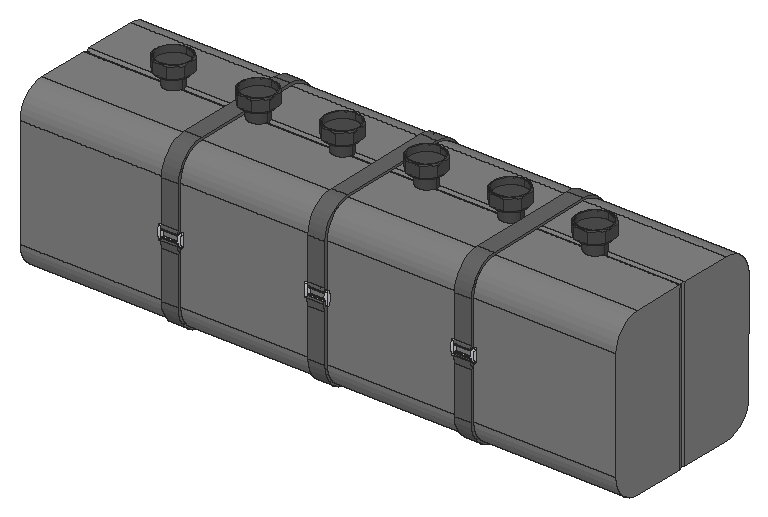
Revit family "Распределительный коллектор на 3 контура", category Оборудование, Revit 2022
Family settings
  Размер круглого соединителя = Использовать диаметр
  Классификация = Нет
  Тип детали = Нормальный
  На основе рабочей плоскости = Нет
  Всегда вертикально = Да
  При загрузке вырезать с полостями = Нет
  Сохранять ориентацию аннотаций = Нет
  Общий = Нет
  Точка принадлежности помещению = Нет
Parameters
  Отметка по умолчанию = 1500 mm
  Кронштейны [instance] = yes
  Изоляция [instance] = yes
  ΔT = 20 °C
  Qmax = 163000 W
  G max = 0.036983 (stored number, unit not read)
  ADSK_Примечание [instance] = ""
  ADSK_Наименование = "Распределительный коллектор KHW-7-3"
  ADSK_Завод-изготовитель = "Huch EnTEC"
  ADSK_Группирование [instance] = ""
Reference planes
  plane 1 "По центру (Вперед/Назад)": y = 0
  plane 2: z = 0
  plane 3 "По центру (Влево/Вправо)": x = 0
  plane 4: y = -57.5
  plane 5: y = 57.5
  plane 6: z = -57.5
  plane 7: z = 57.5
  plane 8: y = -52.5
  plane 9: z = 52.5
  plane 10: z = -52.5
  plane 11: y = 52.5
  plane 12: x = 382.5
  plane 13: x = -382.5
  plane 14: z = 52.5
  plane 15: z = -52.5
  plane 16: z = 67.5
  plane 17: z = 132.5
  plane 18: z = 102.5
  plane 19: z = 57.5
  plane 20: x = 437.5
  plane 21: x = -437.5
  plane 22: x = -312.5
  plane 23: x = -187.5
  plane 24: x = -62.5
  plane 25: x = 312.5
  plane 26: x = 187.5
  plane 27: x = 62.5
  plane 28: x = 570
  plane 29: x = -570
  plane 30: y = 186.539
  plane 31: x = -360
  plane 32: x = 360
  plane 33: x = -282.5
  plane 34: x = -172.5
  plane 35: x = 172.5
  plane 36: x = 282.5
Forms (mm)
  Extrusion 1, solid, material "Металл"
    sketch origin (0, 0, 0) x (0, 1, 0) y (0, 0, 1)
      loop
        line (52.5, 57.5) -> (-52.5, 57.5)
        arc (-52.5, 57.5) -> (-56.036, 56.036) -> (-57.5, 52.5) r 5
        line (-57.5, 52.5) -> (-57.5, -52.5)
        arc (-57.5, -52.5) -> (-56.036, -56.036) -> (-52.5, -57.5) r 5
        line (-52.5, -57.5) -> (52.5, -57.5)
        arc (52.5, -57.5) -> (56.036, -56.036) -> (57.5, -52.5) r 5
        line (57.5, -52.5) -> (57.5, 52.5)
        arc (57.5, 52.5) -> (56.036, 56.036) -> (52.5, 57.5) r 5
    from -382.5 to 382.5
  Extrusion 2, void
    sketch origin (0, 0, 0) x (1, 0, 0) y (0, 0, 1)
      loop
        line (377.5, 57.5) -> (-377.5, 57.5)
        arc (-377.5, 57.5) -> (-381.036, 56.036) -> (-382.5, 52.5) r 5
        line (-382.5, 52.5) -> (-382.5, -52.5)
        arc (-382.5, -52.5) -> (-381.036, -56.036) -> (-377.5, -57.5) r 5
        line (-377.5, -57.5) -> (377.5, -57.5)
        arc (377.5, -57.5) -> (381.036, -56.036) -> (382.5, -52.5) r 5
        line (382.5, -52.5) -> (382.5, 52.5)
        arc (382.5, 52.5) -> (381.036, 56.036) -> (377.5, 57.5) r 5
      loop
        line (-393.601, 73.045) -> (-393.601, -76.955) -> (391.399, -76.955) -> (391.399, 73.045) -> (-393.601, 73.045)
    from -63.688 to 64.2
  Extrusion 3, solid, material "Металл"
    sketch origin (0, 0, 0) x (1, 0, 0) y (0, 1, 0)
      loop
        circle (360, 0) r 13
      loop
        circle (-360, 0) r 13
    from -52.5 to -67.008
  Extrusion 4, solid, material "Металл"
    sketch origin (0, 0, 0) x (1, 0, 0) y (0, 1, 0)
      loop
        circle (-282.5, 0) r 30
      loop
        circle (282.5, 0) r 30
    from -52.5 to -112.477
  Extrusion 5, solid, material "Металл"
    sketch origin (0, 0, 0) x (1, 0, 0) y (0, 1, 0)
      loop
        circle (-172.5, 0) r 13.5
      loop
        circle (172.5, 0) r 13.5
    from -52.5 to -102.67
  Extrusion 6, solid, material "Металл"
    sketch origin (0, 0, 0) x (1, 0, 0) y (0, 1, 0)
      loop
        circle (-313.5, 0) r 15
      loop
        circle (-187.5, 0) r 15
      loop
        circle (-62.5, 0) r 15
      loop
        circle (62.5, 0) r 15
      loop
        circle (187.5, 0) r 15
      loop
        circle (312.5, 0) r 15
    from 52.5 to 142.085
Cuts and joins
  Extrusion 2 cuts Extrusion 1
Dimensions and locks
  plane 17 to plane 19 = 75 mm
  plane 18 to plane 19 = 45 mm
  plane 16 to plane 19 = 10 mm
  equal spacing: plane 20, plane 25, plane 26, plane 27, plane 24, plane 23, plane 22, plane 21
  locked: plane 27 to plane 24 at 125
  Extrusion 6 to Extrusion 6 = 89.585 mm
  plane 15 to Extrusion 3 = 14.508 mm
  plane 15 to Extrusion 4 = 59.977 mm
  plane 15 to Extrusion 5 = 50.17 mm
  plane 3 "По центру (Влево/Вправо)" to plane 13 = 382.5 mm
  plane 12 to plane 3 "По центру (Влево/Вправо)" = 382.5 mm
  plane 31 to plane 13 = 22.5 mm
  plane 33 to plane 13 = 100 mm
  cut or joined group of Extrusion 1, Extrusion 2 to plane 34 = 210 mm
  cut or joined group of Extrusion 1, Extrusion 2 to plane 35 = 210 mm
  cut or joined group of Extrusion 1, Extrusion 2 to plane 36 = 100 mm
  cut or joined group of Extrusion 1, Extrusion 2 to plane 32 = 22.5 mm
  plane 35 to plane 34 = 345 mm
  aligned and locked: level to plane 2
  aligned and locked: Extrusion 1 to plane 13
  aligned and locked: Extrusion 1 to plane 12
Automatic sketch dimensions
  Extrusion 1 sketch curve to plane 4 = 0 mm
  Extrusion 1 sketch curve to plane 8 = 0 mm  (x2)
  Extrusion 1 sketch curve to plane 7 = 0 mm
  Extrusion 1 sketch curve to plane 6 = 0 mm
  Extrusion 1 sketch curve to plane 11 = 0 mm  (x2)
  Extrusion 1 sketch curve to plane 9 = 0 mm
  plane 13 to Extrusion 2 sketch curve = 0 mm
  Extrusion 2 sketch curve to plane 12 = 0 mm
  Extrusion 2 sketch curve to plane 15 = 0 mm  (x2)
  Extrusion 2 sketch curve to plane 14 = 0 mm  (x2)
  plane 16 to Extrusion 2 sketch curve = 5.545 mm
  Extrusion 2 sketch curve to plane 13 = 11.101 mm
  plane 12 to Extrusion 2 sketch curve = 8.899 mm
  Extrusion 2 sketch curve to Extrusion 2 sketch curve = 19.455 mm
  plane 1 "По центру (Вперед/Назад)" to Extrusion 3 sketch curve = 0 mm  (x2)
  plane 1 "По центру (Вперед/Назад)" to Extrusion 4 sketch curve = 0 mm  (x2)
  plane 1 "По центру (Вперед/Назад)" to Extrusion 5 sketch curve = 0 mm  (x2)
  plane 21 to Extrusion 4 sketch curve = 155 mm
  plane 22 to Extrusion 5 sketch curve = 140 mm
  plane 13 to Extrusion 3 sketch curve = 22.5 mm
  plane 20 to Extrusion 4 sketch curve = 155 mm
  Extrusion 2 sketch curve to plane 19 = 0 mm
  plane 13 to Extrusion 2 sketch curve = 5 mm
  Extrusion 3 sketch curve to plane 12 = 22.5 mm
  plane 25 to Extrusion 5 sketch curve = 140 mm
  plane 1 "По центру (Вперед/Назад)" to Extrusion 6 sketch curve = 0 mm  (x6)
  Extrusion 6 sketch curve to plane 23 = 0 mm
  Extrusion 6 sketch curve to plane 24 = 0 mm
  Extrusion 6 sketch curve to plane 27 = 0 mm
  Extrusion 6 sketch curve to plane 26 = 0 mm
  Extrusion 6 sketch curve to plane 25 = 0 mm
  Extrusion 6 sketch curve to plane 22 = 1 mm
  radius of Extrusion 3 sketch curve = 13 mm  (x2)
  radius of Extrusion 4 sketch curve = 30 mm  (x2)
  radius of Extrusion 5 sketch curve = 13.5 mm  (x2)
  radius of Extrusion 6 sketch curve = 15 mm  (x6)
Nested families
  nested 1: "Гайка_Восьмиугольная_Гладкая" at (312.5, 0, 142.085) x (0, 0, 1) z (1, 0, 0), type "Гайка_Восьмиугольная_Гладкая"
    with Материал Металл, КорректирующийРазмер 25 mm, k 15 mm, dw 50.5 mm, d 48 mm, V 40.00°, S 50.5 mm, K 19 mm
  nested 2: "Гайка_Восьмиугольная_Гладкая" at (187.5, 0, 142.085) x (0, 0, 1) z (1, 0, 0), type "Гайка_Восьмиугольная_Гладкая"
    with Материал Металл, КорректирующийРазмер 25 mm, k 15 mm, dw 50.5 mm, d 48 mm, V 40.00°, S 50.5 mm, K 19 mm
  nested 3: "Гайка_Восьмиугольная_Гладкая" at (62.5, 0, 142.085) x (0, 0, 1) z (1, 0, 0), type "Гайка_Восьмиугольная_Гладкая"
    with Материал Металл, КорректирующийРазмер 25 mm, k 15 mm, dw 50.5 mm, d 48 mm, V 40.00°, S 50.5 mm, K 19 mm
  nested 4: "Гайка_Восьмиугольная_Гладкая" at (-62.5, 0, 142.085) x (0, 0, 1) z (1, 0, 0), type "Гайка_Восьмиугольная_Гладкая"
    with Материал Металл, КорректирующийРазмер 25 mm, k 15 mm, dw 50.5 mm, d 48 mm, V 40.00°, S 50.5 mm, K 19 mm
  nested 5: "Гайка_Восьмиугольная_Гладкая" at (-187.5, 0, 142.085) x (0, 0, 1) z (1, 0, 0), type "Гайка_Восьмиугольная_Гладкая"
    with Материал Металл, КорректирующийРазмер 25 mm, k 15 mm, dw 50.5 mm, d 48 mm, V 40.00°, S 50.5 mm, K 19 mm
  nested 6: "Гайка_Восьмиугольная_Гладкая" at (-313.5, 0, 142.085) x (0, 0, 1) z (1, 0, 0), type "Гайка_Восьмиугольная_Гладкая"
    with Материал Металл, КорректирующийРазмер 25 mm, k 15 mm, dw 50.5 mm, d 48 mm, V 40.00°, S 50.5 mm, K 19 mm
  nested 7: "Изоляция 3 контура" at (0, 0, 0), visible <- "Изоляция", type "Изоляция 3 контура"
  nested 8: "Стойки 3 контура" at (0, 0, 0), visible <- "Кронштейны", type "Стойки 3 контура"
Connectors
  piping at (-360, 0, -67.008), diameter 15
    settings: on Extrusion 3, index 1, connector inside diameter 609.6 mm, connector length 0 mm, flow factor 0, pipe flow 0.0 L/s, pressure drop 0.0 Pa, fitting loss kfactor 0, connector angle 0.00°, fixture units 0, engagement length 0 mm, angle of deflection 0.00°, flow configuration 0, flow direction 0, fitting loss method 0, system type 28, joint type 0, gender type 0, connector reference index -1, connector utility 0, adjustable connector no, is connector primary yes, connector description ""
  piping at (-282.5, 0, -112.477), diameter 50
    settings: on Extrusion 4, index 2, connector inside diameter 609.6 mm, connector length 0 mm, flow factor 0, pipe flow 0.0 L/s, pressure drop 0.0 Pa, fitting loss kfactor 0, connector angle 0.00°, fixture units 0, engagement length 0 mm, angle of deflection 0.00°, flow configuration 0, flow direction 0, fitting loss method 0, system type 8, joint type 0, gender type 0, connector reference index -1, connector utility 0, adjustable connector no, is connector primary no, connector description ""
  piping at (282.5, 0, -112.477), diameter 50
    settings: on Extrusion 4, index 3, connector inside diameter 609.6 mm, connector length 0 mm, flow factor 0, pipe flow 0.0 L/s, pressure drop 0.0 Pa, fitting loss kfactor 0, connector angle 0.00°, fixture units 0, engagement length 0 mm, angle of deflection 0.00°, flow configuration 0, flow direction 0, fitting loss method 0, system type 7, joint type 0, gender type 0, connector reference index -1, connector utility 0, adjustable connector no, is connector primary no, connector description ""
  piping at (360, 0, -67.008), diameter 15
    settings: on Extrusion 3, index 4, connector inside diameter 609.6 mm, connector length 0 mm, flow factor 0, pipe flow 0.0 L/s, pressure drop 0.0 Pa, fitting loss kfactor 0, connector angle 0.00°, fixture units 0, engagement length 0 mm, angle of deflection 0.00°, flow configuration 0, flow direction 0, fitting loss method 0, system type 28, joint type 0, gender type 0, connector reference index -1, connector utility 0, adjustable connector no, is connector primary no, connector description ""
  piping at (-313.5, 0, 152.09), diameter 25
    settings: on nested 6, index 6, connector inside diameter 609.6 mm, connector length 0 mm, flow factor 0, pipe flow 0.0 L/s, pressure drop 0.0 Pa, fitting loss kfactor 0, connector angle 0.00°, fixture units 0, engagement length 0 mm, angle of deflection 0.00°, flow configuration 0, flow direction 0, fitting loss method 0, system type 8, joint type 0, gender type 0, connector reference index -1, connector utility 0, adjustable connector no, is connector primary no, connector description ""
  piping at (-187.5, 0, 152.09), diameter 25
    settings: on nested 5, index 7, connector inside diameter 609.6 mm, connector length 0 mm, flow factor 0, pipe flow 0.0 L/s, pressure drop 0.0 Pa, fitting loss kfactor 0, connector angle 0.00°, fixture units 0, engagement length 0 mm, angle of deflection 0.00°, flow configuration 0, flow direction 0, fitting loss method 0, system type 7, joint type 0, gender type 0, connector reference index -1, connector utility 0, adjustable connector no, is connector primary no, connector description ""
  piping at (-62.5, 0, 152.09), diameter 25
    settings: on nested 4, index 8, connector inside diameter 609.6 mm, connector length 0 mm, flow factor 0, pipe flow 0.0 L/s, pressure drop 0.0 Pa, fitting loss kfactor 0, connector angle 0.00°, fixture units 0, engagement length 0 mm, angle of deflection 0.00°, flow configuration 0, flow direction 0, fitting loss method 0, system type 8, joint type 0, gender type 0, connector reference index -1, connector utility 0, adjustable connector no, is connector primary no, connector description ""
  piping at (62.5, 0, 152.09), diameter 25
    settings: on nested 3, index 9, connector inside diameter 609.6 mm, connector length 0 mm, flow factor 0, pipe flow 0.0 L/s, pressure drop 0.0 Pa, fitting loss kfactor 0, connector angle 0.00°, fixture units 0, engagement length 0 mm, angle of deflection 0.00°, flow configuration 0, flow direction 0, fitting loss method 0, system type 7, joint type 0, gender type 0, connector reference index -1, connector utility 0, adjustable connector no, is connector primary no, connector description ""
  piping at (187.5, 0, 152.09), diameter 25
    settings: on nested 2, index 10, connector inside diameter 609.6 mm, connector length 0 mm, flow factor 0, pipe flow 0.0 L/s, pressure drop 0.0 Pa, fitting loss kfactor 0, connector angle 0.00°, fixture units 0, engagement length 0 mm, angle of deflection 0.00°, flow configuration 0, flow direction 0, fitting loss method 0, system type 8, joint type 0, gender type 0, connector reference index -1, connector utility 0, adjustable connector no, is connector primary no, connector description ""
  piping at (312.5, 0, 152.09), diameter 25
    settings: on nested 1, index 11, connector inside diameter 609.6 mm, connector length 0 mm, flow factor 0, pipe flow 0.0 L/s, pressure drop 0.0 Pa, fitting loss kfactor 0, connector angle 0.00°, fixture units 0, engagement length 0 mm, angle of deflection 0.00°, flow configuration 0, flow direction 0, fitting loss method 0, system type 7, joint type 0, gender type 0, connector reference index -1, connector utility 0, adjustable connector no, is connector primary no, connector description ""
Definition of nested family "Гайка_Восьмиугольная_Гладкая"
  Parameters (values of type "Гайка_Восьмиугольная_Гладкая")
    Default Elevation = 0 mm
    Материал [instance] = none
    КорректирующийРазмер [instance] = 76 mm
    k [instance] = 31.635 mm
    dw [instance] = S  # 150 mm
    d [instance] = 100 mm
    V [instance] = 40.00°
    S [instance] = 150 mm
    K [instance] = 70 mm
  Reference planes
    plane 1 "По центру (Вперед/Назад)": y = 0
    plane 2: z = 0
    plane 3 "По центру (Влево/Вправо)": x = 0
    plane 4: x = 70
    plane 5: through (4267.2, -88.185, 17.881) normal (0, -0.7071, 0.7071)
    plane 6: through (4267.2, 17.881, -88.185) normal (0, -0.7071, 0.7071)
    plane 7: through (4267.2, 17.891, 88.175) normal (0, 0.7071, 0.7071)
    plane 8: through (4267.2, -88.175, -17.891) normal (0, 0.7071, 0.7071)
    plane 9: z = -75
    plane 10: z = 75
    plane 11: y = 75
    plane 12: y = -75
    plane 13: through (4267.2, 0, 0) normal (0, -0.7071, 0.7071)
    plane 14: through (4267.2, 0, 0) normal (0, 0.7071, 0.7071)
    plane 15: z = 76
    plane 16: x = 38.365
  Forms (mm)
    Extrusion 1, solid, material <- "Материал"
      sketch origin (0, 0, 0) x (0, 1, 0) y (0, 0, 1)
        loop
          line (75, 31.066) -> (31.066, 75) -> (-31.066, 75) -> (-75, 31.066) -> (-75, -31.066) -> (-31.066, -75) -> (31.066, -75) -> (75, -31.066) -> (75, 31.066)
        loop
          circle (0, 0) r 50
      from 0 to 70
    Sweep 2, void
      path origin (0, 0, 0) x (0, 1, 0) y (0, 0, 1)
        loop
          circle (0, 0) r 75
      profile origin (0, 0, 75) x (0, 0, -1) y (1, 0, 0)
        loop
          line (-1, 70) -> (-135.994, 70) -> (-135.994, 0) -> (-1, 0) -> (-42.711, 35) -> (-1, 70)
    Extrusion 3, solid, material <- "Материал"
      sketch origin (0, 0, 0) x (0, 1, 0) y (0, 0, 1)
        loop
          circle (0, 0) r 50
      from 0 to 10.005
  Cuts and joins
    Sweep 2 cuts Extrusion 1
  Dimensions and locks
    equal spacing: plane 10, level, plane 9
    equal spacing: plane 5, plane 13, plane 6
    equal spacing: plane 7, plane 14, plane 8
    equal spacing: plane 12, plane 1 "По центру (Вперед/Назад)", plane 11
    "S": plane 12 to plane 11
    "S": plane 5 to plane 6
    "S": plane 10 to plane 9
    "S": plane 7 to plane 8
    "K": plane 3 "По центру (Влево/Вправо)" to plane 4
    "КорректирующийРазмер": level to plane 15
    equal spacing: Sweep 2 sketch curve, Sweep 2 sketch curve, Sweep 2 sketch curve
    "K": Sweep 2 sketch curve to Sweep 2 sketch curve
    "k": plane 4 to plane 16
    "d": diameter of Extrusion 1 sketch curve
    "dw": diameter of Sweep 2 sketch curve
    "d": diameter of Extrusion 3 sketch curve
    "V": angle Sweep 2 sketch curve to Sweep 2 sketch curve  (x2)
    aligned and locked: level to plane 2
    aligned and locked: plane 12 to Extrusion 1 sketch curve
    aligned and locked: plane 5 to Extrusion 1 sketch curve
    aligned and locked: plane 10 to Extrusion 1 sketch curve
    aligned and locked: plane 7 to Extrusion 1 sketch curve
    aligned and locked: Extrusion 1 sketch curve to plane 11
    aligned and locked: Extrusion 1 sketch curve to plane 6
    aligned and locked: Extrusion 1 sketch curve to plane 9
    aligned and locked: Extrusion 1 sketch curve to plane 8
    aligned and locked: plane 4 to Extrusion 1
    aligned and locked: Sweep 2 sketch curve to plane 4
    aligned and locked: Sweep 2 sketch curve to plane 15
    aligned and locked: plane 15 to Sweep 2 sketch curve
  Automatic sketch dimensions
    Extrusion 1 sketch curve to plane 13 = 0 mm
    Extrusion 1 sketch curve to plane 14 = 0 mm
    Sweep 2 sketch curve to level = 0 mm
    Sweep 2 sketch curve to plane 1 "По центру (Вперед/Назад)" = 0 mm
    Sweep 2 sketch curve to Sweep 2 sketch curve = 93.282 mm
    Extrusion 3 sketch curve to level = 0 mm
    Extrusion 3 sketch curve to plane 1 "По центру (Вперед/Назад)" = 0 mm
Definition of nested family "Изоляция 3 контура"
  Parameters (values of type "изоляция")
    Default Elevation = 0 mm
  Reference planes
    plane 1 "По центру (Вперед/Назад)": y = 0
    plane 2: z = 0
    plane 3 "По центру (Влево/Вправо)": x = 0
    plane 4: z = 52.5
    plane 5: z = -52.5
    plane 6: z = 67.5
    plane 7: z = 132.5
    plane 8: z = 102.5
    plane 9: z = 57.5
    plane 10: z = 122.5
    plane 11: z = -122.5
    plane 12: y = -122.5
    plane 13: y = 122.5
    plane 14: y = -82.5
    plane 15: y = 82.5
    plane 16: z = 82.5
    plane 17: z = -82.5
    plane 18: x = 570
    plane 19: x = -570
    plane 20: x = 12.5
    plane 21: x = -12.5
    plane 22: x = 17
    plane 23: x = -17
    plane 24: z = 13.707
    plane 25: z = 4.4
    plane 26: x = 285
    plane 27: x = -285
    plane 28: z = 117.5
    plane 29: z = -117.5
    plane 30: y = 5
    plane 31: y = -5
    plane 32: x = -565
    plane 33: y = -5
    plane 34: y = 5
    plane 35: x = -382.462
    plane 36: x = 382.462
    plane 37: x = -262.5
    plane 38: x = 442.462
    plane 39: x = -442.462
    plane 40: x = -359.962
    plane 41: x = -282.462
    plane 42: x = -172.462
    plane 43: x = 359.962
    plane 44: x = 282.462
    plane 45: x = 172.462
  Forms (mm)
    Extrusion 1, solid
      sketch origin (0, 0, 0) x (0, 1, 0) y (0, 0, 1)
        loop
          arc (82.5, -122.5) -> (110.784, -110.784) -> (122.5, -82.5) r 40
          line (122.5, -82.5) -> (122.5, 82.5)
          arc (122.5, 82.5) -> (110.784, 110.784) -> (82.5, 122.5) r 40
          line (82.5, 122.5) -> (5, 122.5)
          arc (5, 122.5) -> (1.464, 121.036) -> (0, 117.5) r 5
          arc (0, 117.5) -> (-1.464, 121.036) -> (-5, 122.5) r 5
          line (-5, 122.5) -> (-82.5, 122.5)
          arc (-82.5, 122.5) -> (-110.784, 110.784) -> (-122.5, 82.5) r 40
          line (-122.5, 82.5) -> (-122.5, -82.5)
          arc (-122.5, -82.5) -> (-110.784, -110.784) -> (-82.5, -122.5) r 40
          line (-82.5, -122.5) -> (-5, -122.5)
          arc (-5, -122.5) -> (-1.464, -121.036) -> (0, -117.5) r 5
          arc (0, -117.5) -> (1.464, -121.036) -> (5, -122.5) r 5
          line (5, -122.5) -> (82.5, -122.5)
      from -442.462 to 442.462
    Extrusion 2, void
      sketch origin (0, 0, 0) x (1, 0, 0) y (0, 1, 0)
        loop
          circle (-282.5, 0) r 30
        loop
          circle (-359.869, -1.741) r 13
        loop
          circle (-172.5, 0) r 13.5
        loop
          circle (282.5, 0) r 30
        loop
          circle (359.869, -1.741) r 13
        loop
          circle (172.5, 0) r 13.5
      from -269.632 to 0
    Extrusion 3, solid
      sketch origin (0, 0, 0) x (0, 1, 0) y (0, 0, 1)
        loop
          line (122.5, 82.5) -> (122.5, -82.5)
          arc (122.5, -82.5) -> (110.784, -110.784) -> (82.5, -122.5) r 40
          line (82.5, -122.5) -> (-82.5, -122.5)
          arc (-82.5, -122.5) -> (-110.784, -110.784) -> (-122.5, -82.5) r 40
          line (-122.5, -82.5) -> (-122.5, 2.171)
          arc (-122.5, 2.171) -> (-123.462, 3.981) -> (-125.5, 4.197) r 2.184
          arc (-125.5, 4.197) -> (-127.191, 2.171) -> (-127.608, -0.433) r 4.975
          arc (-127.608, -0.433) -> (-126.84, -5.922) -> (-125.747, -11.355) r 93.24
          line (-125.747, -11.355) -> (-125.747, -82.5)
          arc (-125.747, -82.5) -> (-113.153, -112.906) -> (-82.747, -125.5) r 43
          line (-82.747, -125.5) -> (82.5, -125.5)
          arc (82.5, -125.5) -> (112.906, -112.906) -> (125.5, -82.5) r 43
          line (125.5, -82.5) -> (125.5, 82.5)
          arc (125.5, 82.5) -> (112.906, 112.906) -> (82.5, 125.5) r 43
          line (82.5, 125.5) -> (-82.5, 125.5)
          arc (-82.5, 125.5) -> (-112.906, 112.906) -> (-125.5, 82.5) r 43
          line (-125.5, 82.5) -> (-125.5, 20.683)
          arc (-125.5, 20.683) -> (-126.528, 18.003) -> (-126.978, 15.168) r 13.764
          arc (-126.978, 15.168) -> (-124.441, 13.839) -> (-122.5, 15.945) r 2.353
          line (-122.5, 15.945) -> (-122.5, 82.5)
          arc (-122.5, 82.5) -> (-110.784, 110.784) -> (-82.5, 122.5) r 40
          line (-82.5, 122.5) -> (82.5, 122.5)
          arc (82.5, 122.5) -> (110.784, 110.784) -> (122.5, 82.5) r 40
      from -12.5 to 12.5
    Extrusion 4, solid
      sketch origin (0, 0, 0) x (0, 1, 0) y (0, 0, 1)
        loop
          arc (-123.716, 17.727) -> (-124.86, 18.69) -> (-126.039, 17.77) r 1.187
          arc (-126.039, 17.77) -> (-127.099, 8.42) -> (-126.023, -0.929) r 41.442
          arc (-126.023, -0.929) -> (-124.875, -1.841) -> (-123.726, -0.929) r 1.179
          arc (-123.726, -0.929) -> (-122.654, 8.399) -> (-123.716, 17.727) r 41.296
      from -17 to 17
    Extrusion 5, void
      sketch origin (0, 0, 0) x (1, 0, 0) y (0, 0, 1)
        loop
          line (-12.5, 13.707) -> (-12.5, 4.4) -> (12.5, 4.4) -> (12.5, 13.707) -> (-12.5, 13.707)
      from 122.415 to 250
    Extrusion 6, solid
      sketch origin (217.5, 0, 0) x (0, 1, 0) y (0, 0, 1)
        loop
          line (122.5, 82.5) -> (122.5, -82.5)
          arc (122.5, -82.5) -> (110.784, -110.784) -> (82.5, -122.5) r 40
          line (82.5, -122.5) -> (-82.5, -122.5)
          arc (-82.5, -122.5) -> (-110.784, -110.784) -> (-122.5, -82.5) r 40
          line (-122.5, -82.5) -> (-122.5, 2.171)
          arc (-122.5, 2.171) -> (-123.462, 3.981) -> (-125.5, 4.197) r 2.184
          arc (-125.5, 4.197) -> (-127.191, 2.171) -> (-127.608, -0.433) r 4.975
          arc (-127.608, -0.433) -> (-126.84, -5.922) -> (-125.747, -11.355) r 93.24
          line (-125.747, -11.355) -> (-125.747, -82.5)
          arc (-125.747, -82.5) -> (-113.153, -112.906) -> (-82.747, -125.5) r 43
          line (-82.747, -125.5) -> (82.5, -125.5)
          arc (82.5, -125.5) -> (112.906, -112.906) -> (125.5, -82.5) r 43
          line (125.5, -82.5) -> (125.5, 82.5)
          arc (125.5, 82.5) -> (112.906, 112.906) -> (82.5, 125.5) r 43
          line (82.5, 125.5) -> (-82.5, 125.5)
          arc (-82.5, 125.5) -> (-112.906, 112.906) -> (-125.5, 82.5) r 43
          line (-125.5, 82.5) -> (-125.5, 20.683)
          arc (-125.5, 20.683) -> (-126.528, 18.003) -> (-126.978, 15.168) r 13.764
          arc (-126.978, 15.168) -> (-124.441, 13.839) -> (-122.5, 15.945) r 2.353
          line (-122.5, 15.945) -> (-122.5, 82.5)
          arc (-122.5, 82.5) -> (-110.784, 110.784) -> (-82.5, 122.5) r 40
          line (-82.5, 122.5) -> (82.5, 122.5)
          arc (82.5, 122.5) -> (110.784, 110.784) -> (122.5, 82.5) r 40
      from -12.5 to 12.5
    Extrusion 7, solid
      sketch origin (217.5, 0, 0) x (0, 1, 0) y (0, 0, 1)
        loop
          arc (-123.716, 17.727) -> (-124.86, 18.69) -> (-126.039, 17.77) r 1.187
          arc (-126.039, 17.77) -> (-127.099, 8.42) -> (-126.023, -0.929) r 41.442
          arc (-126.023, -0.929) -> (-124.875, -1.841) -> (-123.726, -0.929) r 1.179
          arc (-123.726, -0.929) -> (-122.654, 8.399) -> (-123.716, 17.727) r 41.296
      from -17 to 17
    Extrusion 8, solid
      sketch origin (-217.5, 0, 0) x (0, 1, 0) y (0, 0, 1)
        loop
          line (122.5, 82.5) -> (122.5, -82.5)
          arc (122.5, -82.5) -> (110.784, -110.784) -> (82.5, -122.5) r 40
          line (82.5, -122.5) -> (-82.5, -122.5)
          arc (-82.5, -122.5) -> (-110.784, -110.784) -> (-122.5, -82.5) r 40
          line (-122.5, -82.5) -> (-122.5, 2.171)
          arc (-122.5, 2.171) -> (-123.462, 3.981) -> (-125.5, 4.197) r 2.184
          arc (-125.5, 4.197) -> (-127.191, 2.171) -> (-127.608, -0.433) r 4.975
          arc (-127.608, -0.433) -> (-126.84, -5.922) -> (-125.747, -11.355) r 93.24
          line (-125.747, -11.355) -> (-125.747, -82.5)
          arc (-125.747, -82.5) -> (-113.153, -112.906) -> (-82.747, -125.5) r 43
          line (-82.747, -125.5) -> (82.5, -125.5)
          arc (82.5, -125.5) -> (112.906, -112.906) -> (125.5, -82.5) r 43
          line (125.5, -82.5) -> (125.5, 82.5)
          arc (125.5, 82.5) -> (112.906, 112.906) -> (82.5, 125.5) r 43
          line (82.5, 125.5) -> (-82.5, 125.5)
          arc (-82.5, 125.5) -> (-112.906, 112.906) -> (-125.5, 82.5) r 43
          line (-125.5, 82.5) -> (-125.5, 20.683)
          arc (-125.5, 20.683) -> (-126.528, 18.003) -> (-126.978, 15.168) r 13.764
          arc (-126.978, 15.168) -> (-124.441, 13.839) -> (-122.5, 15.945) r 2.353
          line (-122.5, 15.945) -> (-122.5, 82.5)
          arc (-122.5, 82.5) -> (-110.784, 110.784) -> (-82.5, 122.5) r 40
          line (-82.5, 122.5) -> (82.5, 122.5)
          arc (82.5, 122.5) -> (110.784, 110.784) -> (122.5, 82.5) r 40
      from -12.5 to 12.5
    Extrusion 9, solid
      sketch origin (-217.5, 0, 0) x (0, 1, 0) y (0, 0, 1)
        loop
          arc (-123.716, 17.727) -> (-124.86, 18.69) -> (-126.039, 17.77) r 1.187
          arc (-126.039, 17.77) -> (-127.099, 8.42) -> (-126.023, -0.929) r 41.442
          arc (-126.023, -0.929) -> (-124.875, -1.841) -> (-123.726, -0.929) r 1.179
          arc (-123.726, -0.929) -> (-122.654, 8.399) -> (-123.716, 17.727) r 41.296
      from -17 to 17
    Extrusion 10, void
      sketch origin (-217.52, 0, 0) x (1, 0, 0) y (0, 0, 1)
        loop
          line (-12.5, 13.707) -> (-12.5, 4.4) -> (12.5, 4.4) -> (12.5, 13.707) -> (-12.5, 13.707)
      from 122.5 to 250
    Extrusion 11, void
      sketch origin (217.5, 0, 0) x (1, 0, 0) y (0, 0, 1)
        loop
          line (-12.5, 13.707) -> (-12.5, 4.4) -> (12.5, 4.4) -> (12.5, 13.707) -> (-12.5, 13.707)
      from 122.5 to 250
    Extrusion 12, void
      sketch origin (127.796, 0, 0) x (1, 0, 0) y (0, 1, 0)
        loop
          arc (-565, 0) -> (-568.536, 1.464) -> (-570, 5) r 5
          line (-570, 5) -> (-575.921, 5) -> (-575.921, -5) -> (-570, -5)
          arc (-570, -5) -> (-568.536, -1.464) -> (-565, 0) r 5
      from -132.581 to 132.5
    Extrusion 13, void
      sketch origin (-127.796, 0, 0) x (-1, 0, 0) y (0, -1, 0)
        loop
          arc (-565, 0) -> (-568.536, 1.464) -> (-570, 5) r 5
          line (-570, 5) -> (-575.921, 5) -> (-575.921, -5) -> (-570, -5)
          arc (-570, -5) -> (-568.536, -1.464) -> (-565, 0) r 5
      from -132.581 to 132.5
  Cuts and joins
    Extrusion 2, Extrusion 5, Extrusion 10, Extrusion 11, Extrusion 12, Extrusion 13 cuts Extrusion 1
    Extrusion 5, Extrusion 10 cuts Extrusion 4
    Extrusion 10, Extrusion 11 cuts Extrusion 9
    Extrusion 11 cuts Extrusion 7
  Dimensions and locks
    plane 7 to plane 9 = 75 mm
    plane 8 to plane 9 = 45 mm
    plane 6 to plane 9 = 10 mm
    plane 18 to plane 3 "По центру (Влево/Вправо)" = 570 mm
    equal spacing: plane 36, plane 3 "По центру (Влево/Вправо)", plane 35
    plane 36 to plane 35 = 764.924 mm
    plane 39 to plane 35 = 60 mm
    plane 36 to plane 38 = 60 mm
    plane 35 to plane 40 = 22.5 mm
    plane 35 to plane 41 = 100 mm
    plane 35 to plane 42 = 210 mm
    aligned and locked: level to plane 2
    aligned and locked: plane 20 to Extrusion 3
    aligned and locked: Extrusion 3 to plane 21
  Automatic sketch dimensions
    Extrusion 1 sketch curve to plane 12 = 0 mm
    Extrusion 1 sketch curve to plane 11 = 0 mm  (x2)
    Extrusion 1 sketch curve to plane 14 = 0 mm  (x2)
    Extrusion 1 sketch curve to plane 10 = 0 mm  (x2)
    plane 28 to Extrusion 1 sketch curve = 0 mm
    Extrusion 1 sketch curve to plane 31 = 0 mm  (x2)
    Extrusion 1 sketch curve to plane 1 "По центру (Вперед/Назад)" = 0 mm  (x3)
    Extrusion 1 sketch curve to plane 30 = 0 mm  (x2)
    Extrusion 1 sketch curve to plane 15 = 0 mm  (x2)
    Extrusion 1 sketch curve to plane 13 = 0 mm
    Extrusion 3 sketch curve to Extrusion 3 sketch curve = 0 mm  (x7)
    Extrusion 3 sketch curve to level = 11.355 mm
    plane 33 to Extrusion 3 sketch curve = 120.747 mm
    plane 6 to Extrusion 3 sketch curve = 15 mm
    Extrusion 3 sketch curve to Extrusion 3 sketch curve = 0.247 mm  (x2)
    plane 24 to Extrusion 3 sketch curve = 2.45 mm
    Extrusion 3 sketch curve to Extrusion 3 sketch curve = 0.657 mm
    level to Extrusion 3 sketch curve = 2.171 mm
    Extrusion 3 sketch curve to Extrusion 3 sketch curve = 1.063 mm
    level to Extrusion 3 sketch curve = 0.11 mm
    Extrusion 3 sketch curve to Extrusion 3 sketch curve = 2.021 mm
    Extrusion 3 sketch curve to Extrusion 3 sketch curve = 0.163 mm
    Extrusion 3 sketch curve to Extrusion 3 sketch curve = 2.343 mm
    plane 24 to Extrusion 3 sketch curve = 0.734 mm
    Extrusion 3 sketch curve to Extrusion 3 sketch curve = 9.267 mm
    Extrusion 3 sketch curve to plane 5 = 30 mm  (x2)
    Extrusion 3 sketch curve to Extrusion 3 sketch curve = 39.753 mm
    Extrusion 3 sketch curve to Extrusion 3 sketch curve = 40 mm  (x2)
    Extrusion 3 sketch curve to plane 24 = 3.963 mm
    plane 33 to Extrusion 3 sketch curve = 29.925 mm
    Extrusion 3 sketch curve to plane 34 = 77.5 mm
    plane 24 to Extrusion 3 sketch curve = 2.238 mm
    Extrusion 3 sketch curve to Extrusion 3 sketch curve = 4.527 mm
    plane 25 to Extrusion 4 sketch curve = 4.021 mm
    plane 33 to Extrusion 4 sketch curve = 158.95 mm
    plane 24 to Extrusion 4 sketch curve = 3.796 mm
    Extrusion 4 sketch curve to Extrusion 4 sketch curve = 39.068 mm
    Extrusion 4 sketch curve to level = 0.662 mm
    Extrusion 4 sketch curve to Extrusion 4 sketch curve = 0.007 mm
    plane 25 to Extrusion 4 sketch curve = 4.054 mm
    Extrusion 4 sketch curve to Extrusion 4 sketch curve = 39.225 mm
    Extrusion 4 sketch curve to Extrusion 4 sketch curve = 1.157 mm
    Extrusion 4 sketch curve to Extrusion 4 sketch curve = 0 mm  (x3)
    Extrusion 5 sketch curve to plane 21 = 0 mm
    Extrusion 5 sketch curve to plane 20 = 0 mm
    Extrusion 5 sketch curve to plane 25 = 0 mm
    Extrusion 5 sketch curve to plane 24 = 0 mm
    Extrusion 6 sketch curve to Extrusion 6 sketch curve = 0 mm  (x7)
    Extrusion 6 sketch curve to level = 11.355 mm
    plane 33 to Extrusion 6 sketch curve = 120.747 mm
    plane 6 to Extrusion 6 sketch curve = 15 mm
    Extrusion 6 sketch curve to Extrusion 6 sketch curve = 0.247 mm  (x2)
    plane 24 to Extrusion 6 sketch curve = 2.45 mm
    Extrusion 6 sketch curve to Extrusion 6 sketch curve = 0.657 mm
    level to Extrusion 6 sketch curve = 2.171 mm
    Extrusion 6 sketch curve to Extrusion 6 sketch curve = 1.063 mm
    level to Extrusion 6 sketch curve = 0.11 mm
    Extrusion 6 sketch curve to Extrusion 6 sketch curve = 2.021 mm
    Extrusion 6 sketch curve to Extrusion 6 sketch curve = 0.163 mm
    Extrusion 6 sketch curve to Extrusion 6 sketch curve = 2.343 mm
    plane 24 to Extrusion 6 sketch curve = 0.734 mm
    Extrusion 6 sketch curve to Extrusion 6 sketch curve = 9.267 mm
    Extrusion 6 sketch curve to plane 5 = 30 mm  (x2)
    Extrusion 6 sketch curve to Extrusion 6 sketch curve = 39.753 mm
    Extrusion 6 sketch curve to Extrusion 6 sketch curve = 40 mm  (x2)
    Extrusion 6 sketch curve to plane 24 = 3.963 mm
    plane 33 to Extrusion 6 sketch curve = 29.925 mm
    Extrusion 6 sketch curve to plane 34 = 77.5 mm
    plane 24 to Extrusion 6 sketch curve = 2.238 mm
    Extrusion 6 sketch curve to Extrusion 6 sketch curve = 4.527 mm
    plane 25 to Extrusion 7 sketch curve = 4.021 mm
    plane 33 to Extrusion 7 sketch curve = 158.95 mm
    plane 24 to Extrusion 7 sketch curve = 3.796 mm
    Extrusion 7 sketch curve to Extrusion 7 sketch curve = 39.068 mm
    Extrusion 7 sketch curve to level = 0.662 mm
    Extrusion 7 sketch curve to Extrusion 7 sketch curve = 0.007 mm
    plane 25 to Extrusion 7 sketch curve = 4.054 mm
    Extrusion 7 sketch curve to Extrusion 7 sketch curve = 39.225 mm
    Extrusion 7 sketch curve to Extrusion 7 sketch curve = 1.157 mm
    Extrusion 7 sketch curve to Extrusion 7 sketch curve = 0 mm  (x3)
    Extrusion 8 sketch curve to Extrusion 8 sketch curve = 0 mm  (x7)
    Extrusion 8 sketch curve to level = 11.355 mm
    plane 33 to Extrusion 8 sketch curve = 120.747 mm
    plane 6 to Extrusion 8 sketch curve = 15 mm
    Extrusion 8 sketch curve to Extrusion 8 sketch curve = 0.247 mm  (x2)
    plane 24 to Extrusion 8 sketch curve = 2.45 mm
    Extrusion 8 sketch curve to Extrusion 8 sketch curve = 0.657 mm
    level to Extrusion 8 sketch curve = 2.171 mm
    Extrusion 8 sketch curve to Extrusion 8 sketch curve = 1.063 mm
    level to Extrusion 8 sketch curve = 0.11 mm
    Extrusion 8 sketch curve to Extrusion 8 sketch curve = 2.021 mm
    Extrusion 8 sketch curve to Extrusion 8 sketch curve = 0.163 mm
    Extrusion 8 sketch curve to Extrusion 8 sketch curve = 2.343 mm
    plane 24 to Extrusion 8 sketch curve = 0.734 mm
    Extrusion 8 sketch curve to Extrusion 8 sketch curve = 9.267 mm
    Extrusion 8 sketch curve to plane 5 = 30 mm  (x2)
    Extrusion 8 sketch curve to Extrusion 8 sketch curve = 39.753 mm
    Extrusion 8 sketch curve to Extrusion 8 sketch curve = 40 mm  (x2)
    Extrusion 8 sketch curve to plane 24 = 3.963 mm
    plane 33 to Extrusion 8 sketch curve = 29.925 mm
    Extrusion 8 sketch curve to plane 34 = 77.5 mm
    plane 24 to Extrusion 8 sketch curve = 2.238 mm
    Extrusion 8 sketch curve to Extrusion 8 sketch curve = 4.527 mm
    plane 25 to Extrusion 9 sketch curve = 4.021 mm
    plane 33 to Extrusion 9 sketch curve = 158.95 mm
    plane 24 to Extrusion 9 sketch curve = 3.796 mm
    Extrusion 9 sketch curve to Extrusion 9 sketch curve = 39.068 mm
    Extrusion 9 sketch curve to level = 0.662 mm
    Extrusion 9 sketch curve to Extrusion 9 sketch curve = 0.007 mm
    plane 25 to Extrusion 9 sketch curve = 4.054 mm
    Extrusion 9 sketch curve to Extrusion 9 sketch curve = 39.225 mm
    Extrusion 9 sketch curve to Extrusion 9 sketch curve = 1.157 mm
    Extrusion 9 sketch curve to Extrusion 9 sketch curve = 0 mm  (x3)
    Extrusion 10 sketch curve to plane 25 = 0 mm
    Extrusion 10 sketch curve to plane 24 = 0 mm
    plane 27 to Extrusion 10 sketch curve = 54.98 mm
    Extrusion 10 sketch curve to Extrusion 10 sketch curve = 25 mm
    Extrusion 11 sketch curve to plane 25 = 0 mm
    Extrusion 11 sketch curve to plane 24 = 0 mm
    Extrusion 11 sketch curve to plane 26 = 80 mm
    Extrusion 11 sketch curve to plane 26 = 55 mm
    plane 34 to Extrusion 12 sketch curve = 0 mm
    plane 33 to Extrusion 12 sketch curve = 0 mm
    plane 19 to Extrusion 12 sketch curve = 127.796 mm  (x2)
    plane 32 to Extrusion 12 sketch curve = 127.796 mm
    Extrusion 12 sketch curve to Extrusion 12 sketch curve = 5.921 mm
    plane 34 to Extrusion 13 sketch curve = 0 mm
    plane 33 to Extrusion 13 sketch curve = 0 mm
    Extrusion 13 sketch curve to plane 18 = 127.796 mm  (x2)
    plane 1 "По центру (Вперед/Назад)" to Extrusion 13 sketch curve = 0 mm
    Extrusion 13 sketch curve to Extrusion 13 sketch curve = 5.921 mm
    Extrusion 2 sketch curve to Extrusion 2 sketch curve = 0 mm  (x12)
    plane 1 "По центру (Вперед/Назад)" to Extrusion 2 sketch curve = 0 mm  (x4)
    plane 40 to Extrusion 2 sketch curve = 0.093 mm
    Extrusion 2 sketch curve to plane 41 = 0.038 mm
    Extrusion 2 sketch curve to plane 42 = 0.038 mm
    Extrusion 2 sketch curve to plane 45 = 0.038 mm
    Extrusion 2 sketch curve to plane 44 = 0.038 mm
    plane 43 to Extrusion 2 sketch curve = 0.093 mm
    plane 1 "По центру (Вперед/Назад)" to Extrusion 2 sketch curve = 1.741 mm  (x2)
    plane 35 to Extrusion 2 sketch curve = 9.593 mm
    Extrusion 2 sketch curve to plane 27 = 27.5 mm
    Extrusion 2 sketch curve to Extrusion 2 sketch curve = 13.5 mm
    plane 45 to Extrusion 2 sketch curve = 13.462 mm
    plane 44 to Extrusion 2 sketch curve = 29.962 mm
    Extrusion 2 sketch curve to Extrusion 2 sketch curve = 13 mm
Definition of nested family "Стойки 3 контура"
  Parameters (values of type "стойки")
    Default Elevation = 0 mm
  Reference planes
    plane 1 "По центру (Вперед/Назад)": y = 0
    plane 2: z = 0
    plane 3 "По центру (Влево/Вправо)": x = 0
    plane 4: y = 186.539
    plane 5: y = 181.539
    plane 6: x = -172.5
    plane 7: x = 172.5
  Forms (mm)
    Extrusion 1, solid
      sketch origin (475, 0, 0) x (1, 0, 0) y (0, 1, 0)
        loop
          line (-341.336, 40) -> (-341.336, -40) -> (-261.336, -40) -> (-261.336, 40) -> (-341.336, 40)
      from -127.2 to -122.5
    Extrusion 2, solid
      sketch origin (475, 0, 0) x (1, 0, 0) y (0, 0, 1)
        loop
          line (-329.182, -127.2) -> (-331.182, -127.2) -> (-331.182, -135.165) -> (-309.11, -135.165) -> (-309.11, -133.222) -> (-329.182, -133.222) -> (-329.182, -127.2)
        loop
          line (-274.182, -127.2) -> (-274.182, -133.222) -> (-294.182, -133.222) -> (-294.182, -135.165) -> (-272.182, -135.165) -> (-272.182, -127.2) -> (-274.182, -127.2)
      from -18.865 to 18.699
    Extrusion 3, solid
      sketch origin (475, 0, 0) x (1, 0, 0) y (0, 1, 0)
        loop
          line (-320.075, 2.89) -> (-322.119, 2.044) -> (-322.965, 0) -> (-322.119, -2.044) -> (-320.075, -2.89) -> (-318.032, -2.044) -> (-317.185, 0) -> (-318.032, 2.044) -> (-320.075, 2.89)
      from -135.165 to -137.732
    Extrusion 4, solid
      sketch origin (475, 0, -4.728) x (1, 0, 0) y (0, 1, 0)
        loop
          line (-320.075, 2.89) -> (-322.119, 2.044) -> (-322.965, 0) -> (-322.119, -2.044) -> (-320.075, -2.89) -> (-318.032, -2.044) -> (-317.185, 0) -> (-318.032, 2.044) -> (-320.075, 2.89)
      from -135.165 to -137.732
    Extrusion 5, solid
      sketch origin (475, 0, 0) x (1, 0, 0) y (0, 1, 0)
        loop
          circle (-320.118, 0) r 2
      from -137.732 to -139.894
    Extrusion 6, solid
      sketch origin (475, 0, 0) x (0, 1, 0) y (0, 0, 1)
        loop
          line (186.539, -77.2) -> (181.539, -77.2) -> (181.539, -237.2) -> (186.539, -237.2) -> (186.539, -77.2)
      from -341.336 to -261.336
    Extrusion 7, solid
      sketch origin (475, 0, 0) x (0, 1, 0) y (0, 0, 1)
        loop
          line (181.539, -127.2) -> (-68.461, -127.2) -> (-68.461, -132.2) -> (181.539, -132.2) -> (181.539, -127.2)
      from -329.182 to -274.182
    Extrusion 8, solid
      sketch origin (475, 0, 0) x (0, 1, 0) y (0, 0, 1)
        loop
          line (181.539, -172.2) -> (181.539, -132.2) -> (-68.461, -132.2) -> (-18.461, -172.2) -> (181.539, -172.2)
      from -304.639 to -299.782
    Extrusion 9, void
      sketch origin (474.586, 0, 0) x (1, 0, 0) y (0, 0, 1)
        loop
          arc (-308.336, -220.094) -> (-301.336, -227.094) -> (-294.336, -220.094) r 7
          line (-294.336, -220.094) -> (-294.336, -207.499)
          arc (-294.336, -207.499) -> (-301.336, -200.499) -> (-308.336, -207.499) r 7
          line (-308.336, -207.499) -> (-308.336, -220.094)
        loop
          arc (-295.039, -108.075) -> (-288.039, -101.075) -> (-295.039, -94.075) r 7
          line (-295.039, -94.075) -> (-307.634, -94.075)
          arc (-307.634, -94.075) -> (-314.634, -101.075) -> (-307.634, -108.075) r 7
          line (-307.634, -108.075) -> (-295.039, -108.075)
      from -272.502 to -155.467
    Extrusion 10, solid
      sketch origin (-127.5, 0, 0) x (1, 0, 0) y (0, 1, 0)
        loop
          circle (300.561, 0) r 10
      from -122.5 to -27.785
    Extrusion 11, solid
      sketch origin (130, 0, 0) x (1, 0, 0) y (0, 1, 0)
        loop
          line (-341.336, 40) -> (-341.336, -40) -> (-261.336, -40) -> (-261.336, 40) -> (-341.336, 40)
      from -127.2 to -122.5
    Extrusion 12, solid
      sketch origin (130, 0, 0) x (1, 0, 0) y (0, 0, 1)
        loop
          line (-329.182, -127.2) -> (-331.182, -127.2) -> (-331.182, -135.165) -> (-309.11, -135.165) -> (-309.11, -133.222) -> (-329.182, -133.222) -> (-329.182, -127.2)
        loop
          line (-274.182, -127.2) -> (-274.182, -133.222) -> (-294.182, -133.222) -> (-294.182, -135.165) -> (-272.182, -135.165) -> (-272.182, -127.2) -> (-274.182, -127.2)
      from -18.865 to 18.699
    Extrusion 13, solid
      sketch origin (130, 0, 0) x (1, 0, 0) y (0, 1, 0)
        loop
          line (-320.075, 2.89) -> (-322.119, 2.044) -> (-322.965, 0) -> (-322.119, -2.044) -> (-320.075, -2.89) -> (-318.032, -2.044) -> (-317.185, 0) -> (-318.032, 2.044) -> (-320.075, 2.89)
      from -135.165 to -137.732
    Extrusion 14, solid
      sketch origin (130, 0, -4.728) x (1, 0, 0) y (0, 1, 0)
        loop
          line (-320.075, 2.89) -> (-322.119, 2.044) -> (-322.965, 0) -> (-322.119, -2.044) -> (-320.075, -2.89) -> (-318.032, -2.044) -> (-317.185, 0) -> (-318.032, 2.044) -> (-320.075, 2.89)
      from -135.165 to -137.732
    Extrusion 15, solid
      sketch origin (130, 0, 0) x (1, 0, 0) y (0, 1, 0)
        loop
          circle (-320.118, 0) r 2
      from -137.732 to -139.894
    Extrusion 16, solid
      sketch origin (130, 0, 0) x (0, 1, 0) y (0, 0, 1)
        loop
          line (186.539, -77.2) -> (181.539, -77.2) -> (181.539, -237.2) -> (186.539, -237.2) -> (186.539, -77.2)
      from -341.336 to -261.336
    Extrusion 17, solid
      sketch origin (130, 0, 0) x (0, 1, 0) y (0, 0, 1)
        loop
          line (181.539, -127.2) -> (-68.461, -127.2) -> (-68.461, -132.2) -> (181.539, -132.2) -> (181.539, -127.2)
      from -329.182 to -274.182
    Extrusion 18, solid
      sketch origin (130, 0, 0) x (0, 1, 0) y (0, 0, 1)
        loop
          line (181.539, -172.2) -> (181.539, -132.2) -> (-68.461, -132.2) -> (-18.461, -172.2) -> (181.539, -172.2)
      from -304.639 to -299.782
    Extrusion 19, void
      sketch origin (129.586, 0, 0) x (1, 0, 0) y (0, 0, 1)
        loop
          arc (-308.336, -220.094) -> (-301.336, -227.094) -> (-294.336, -220.094) r 7
          line (-294.336, -220.094) -> (-294.336, -207.499)
          arc (-294.336, -207.499) -> (-301.336, -200.499) -> (-308.336, -207.499) r 7
          line (-308.336, -207.499) -> (-308.336, -220.094)
        loop
          arc (-295.039, -108.075) -> (-288.039, -101.075) -> (-295.039, -94.075) r 7
          line (-295.039, -94.075) -> (-307.634, -94.075)
          arc (-307.634, -94.075) -> (-314.634, -101.075) -> (-307.634, -108.075) r 7
          line (-307.634, -108.075) -> (-295.039, -108.075)
      from -272.502 to -155.467
    Extrusion 20, solid
      sketch origin (-472.5, 0, 0) x (1, 0, 0) y (0, 1, 0)
        loop
          circle (300.561, 0) r 10
      from -122.5 to -27.785
  Cuts and joins
    Extrusion 9, Extrusion 19 cuts Extrusion 6
    Extrusion 19 cuts Extrusion 16
  Dimensions and locks
    Extrusion 1 sketch curve to Extrusion 1 sketch curve = 80 mm  (x2)
    Extrusion 1 to Extrusion 1 = 4.7 mm
    Extrusion 2 sketch curve to Extrusion 2 sketch curve = 20.072 mm
    Extrusion 2 sketch curve to Extrusion 2 sketch curve = 20 mm
    Extrusion 11 sketch curve to Extrusion 11 sketch curve = 80 mm  (x2)
    Extrusion 11 to Extrusion 11 = 4.7 mm
    Extrusion 12 sketch curve to Extrusion 12 sketch curve = 20.072 mm
    Extrusion 12 sketch curve to Extrusion 12 sketch curve = 20 mm
    aligned and locked: level to plane 2
